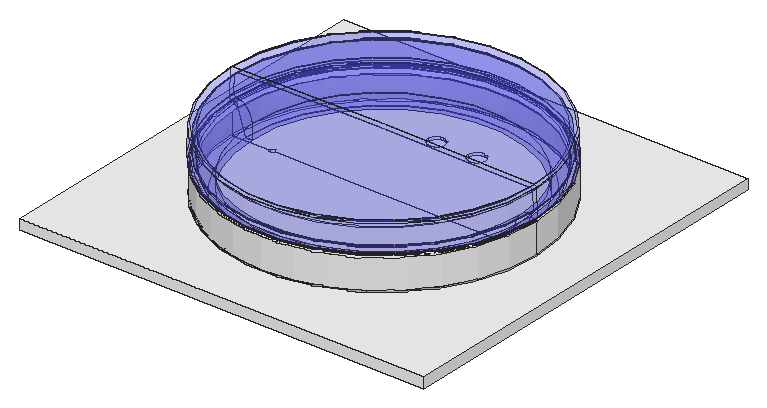
Revit family "BE_12131.1_de_DE", category Leuchten, Revit 2020
Family settings
  Basisbauteil = Fläche
  Bemaßung runder Anschluss = Durchmesser verwenden
  Teiletyp = Normal
  Beim Laden mit Abzugskörper schneiden = Ja
  Lichtquelle = Ja
  Gemeinsam genutzt = Nein
  Raumberechnungspunkt = Ja
Parameters (values of type "BEGA_12131.1_K3")
  built-in parameter 1150104 = 11.113 (stored number, unit not read)
  Wattage = 26 W
  Default Elevation = 0 mm
  built-in parameter 1150113 = 1 (stored number, unit not read)
  built-in parameter 1114218 = 1 (stored number, unit not read)
  Umgebungstemperatur = "25 °C"
  URL = "http://www.bega.de/de/produkt/12131.1"
  Typenkommentare = "© 2022 BEGA. Wir behalten uns das Recht vor, technische Änderungen ohne vorherige Ankündigung vorzunehmen."  # constant formula
  Type Image = 12131.1.png
  built-in parameter 1150134 = 12
  built-in parameter 1150109 = 1 (stored number, unit not read)
  Strom = ""
  built-in parameter 1150110 = 1 (stored number, unit not read)
  Spannung = 239.996 V
  Sonderanfertigung = no
  Seriennummer [instance] = "Hier können Sie die eindeutige Seriennummer für das Facility Management eintragen."
  Schutzklasse = "I"
  Schutzart = "IP 64"
  Scheinlast = 0 VA
  Produktdatenblatt = "http://www.bega.de/download/Xrfa/db/12131.1.db.de.pdf"
  Oberflächentemperatur = ""
  Neigungswinkel = 0.00°
  Model = "12131.1K4"
  Material_17 = BEGA_Reflektor
  Material_15 = BEGA_Leuchtmedium_matt
  Material_11 = BEGA_Glas_opal
  Material_09 = BEGA_Glas_klar
  Material_06 = BEGA_Oberfläche_Edelstahl_gebürstet
  Material_05 = BEGA_Oberfläche_Aluminium Guss
  Material_03 = BEGA_Oberfläche_Weiss_matt
  Material_02 = BEGA_Oberfläche_Silber_matt
  Material_01 [instance] = BEGA_Oberfläche_Grafit_matt
  M_W = no
  M_G = no
  M_A = no
  Logo = 0
  built-in parameter 1114217 = 1 (stored number, unit not read)
  built-in parameter 1150139 = (empty or 0)
  built-in parameter 1150105 = 247.5 (stored number, unit not read)
  built-in parameter 1150114 = 1 (stored number, unit not read)
  Lumens = 3110.12 lm
  built-in parameter 1150115 = 1 (stored number, unit not read)
  Leuchtenlichtstrom = "1476 lm"
  Leuchtenanzahl = ""
  Lebensdauerkriterien = "L70B50 @ 25 °C = 302000 h"
  Lastklassifizierung = Beleuchtung
  built-in parameter 1150112 = 1 (stored number, unit not read)
  Lampenlichtstrom = "2930 lm"
  Lamp = "LED 19.6 W"
  LED_Modulbezeichnung = "LED-0832/940"
  Hersteller = "BEGA"  # constant formula
  Halbstreuwinkel = ""
  Gewicht = "6.2 kg"
  Gebrauchslageneinschränkung [instance] = ""
  Frequenz = "0/50-60 Hz"
  Farbwiedergabeindex = "CRI > 90"
  Farbtemperaturverschiebung bei Dämpfen der Lampe = <Keine Auswahl>
  Farbtemperatur = "4000 K"
  Color Filter = 16777215
  built-in parameter 1150133 = 10 (stored number, unit not read)
  Energieeffizienzklasse = "LED A++ - A"
  built-in parameter 1150137 = (empty or 0)
  built-in parameter 1150132 = (empty or 0)
  ENEC = "ja"
  Dimmbar [instance] = "DALI"
  Photometric Web File = "BE_12131.1K4.IES"
  CE_Konformität = "ja"
  Bestellnummer = "12131.1K4"
  Beschreibung_Sonderanfertigung = "Hier können Sie Informationen zur Sonderanfertigung eintragen."
  Beschreibung = "Decken- und Wandleuchte"
  built-in parameter 1150106 = 2.475 (stored number, unit not read)
  Befestigungsbohrung = "Ø 5,5 mm"
  Befestigungsabstand = "220 mm"
  Ballwurfsicher = ""
  BEGA_Intern_aus = yes
  BEGA_Intern_an = yes
  BEGA_Intern_Konstruktion = yes
  BEGA_Intern = yes
  BEGA_IES = yes
  BEGA_Dummy = no
  Anschlussleitung = ""
  Anschlussleistung [instance] = "23 W"
  Anschlusskasten = ""
  built-in parameter 1150107 = 4000 (stored number, unit not read)
  built-in parameter 1150102 = (empty or 0)
  built-in parameter 1150138 = (empty or 0)
  Aktualisierung = "2019-07-05T04:00:16"
  Abstand_zur_angestrahlten_Fläche [instance] = ""
  AC/DC = "AC/DC"
Reference planes
  plane 1 "Mitte (Vorne/Hinten)": y = 0
  plane 2: z = 0
  plane 3 "Mitte (Links/Rechts)": x = 0
  plane 4 "Links": x = -152.499
  plane 5 "Rechts": x = 152.499
  plane 6 "Unten": y = -152.5
  plane 7 "Oben": y = 152.5
  plane 8 "Vorne": z = 66.498
  plane 9 "Hinten": z = 0
Forms (mm)
  Extrusion 1, solid, material "BEGA_Platte_Weiss"
    sketch origin (0, -1119.2, 0) x (1, 0, 0) y (0, 1, 0)
      loop
        line (-200, 1319.2) -> (-200, 919.2) -> (200, 919.2) -> (200, 1319.2) -> (-200, 1319.2)
    from 0 to -10
  Extrusion 2, solid, material "BEGA_Dummy_matt", visible <- "BEGA_Dummy"
    sketch origin (77.149, -76.023, 0) x (1, 0, 0) y (0, 1, 0)
      loop
        circle (-77.149, 76.023) r 152.499
    from 0 to 66.498
Dimensions and locks
  plane 1 "Mitte (Vorne/Hinten)" to Extrusion 1 = 200 mm
  aligned and locked: plane 2 to Extrusion 1
  aligned and locked: level to Extrusion 1
Nested families
  nested 1: "BE_12131.1" at (0, 0, 0), type "BE_12131.1"
Connectors
  electrical at (0, 0, 0), driven by "Lastklassifizierung", driven by "Spannung", driven by "Scheinlast"
    settings: index 1, voltage 239.996 V, apparent load 0 VA, apparent load phase1 0 VA, apparent load phase2 0 VA, apparent load phase3 0 VA, power factor 1, load classification "Beleuchtung", number of poles 1, system type 31, power factor state 1, is connector primary yes, connector utility no, sub classification motor no, connector description ""
Definition of nested family "BE_12131.1"
  Parameters (values of type "BE_12131.1")
    Default Elevation = 1 mm
    URL = "http://www.bega.de/de/produkt"
    Type Comments = "© 2015 BEGA. Wir behalten uns das Recht vor, technische Änderungen ohne vorherige Ankündigung vorzunehmen. "  # constant formula
    Type Image = (empty or 0)
    Neigungswinkel_um_Z2 = 0.00°
    Neigungswinkel_um_Z1 = 0.00°
    Neigungswinkel_um_Y2 = 0.00°
    Neigungswinkel_um_Y1 = 0.00°
    Neigungswinkel_um_X2 = 0.00°
    Neigungswinkel_um_X1 = 0.00°
    Material_17 = none
    Material_15 = none
    Material_11 = none
    Material_09 = none
    Material_06 = none
    Material_05 = none
    Material_03 = none
    Material_02 = none
    Material_01 = none
    M_W = yes
    M_G = yes
    M_A = yes
    Länge_Platte = 400 mm  # constant formula
    Höhe_Platte = -10 mm  # constant formula
    Manufacturer = "BEGA"  # constant formula
    Drehwinkel_um_Z2 = 0.00°
    Drehwinkel_um_Z1 = 0.00°
    Breite_Platte = 400 mm  # constant formula
  Reference planes
    plane 1 "Mitte (Oben/Unten)": y = 0
    plane 2: z = 0
    plane 3 "Mitte (Links/Rechts)": x = 0
    plane 4: x = -152.499
    plane 5: z = 66.498
    plane 6: x = 152.499
    plane 7: y = -152.5
    plane 8: y = 152.5
  Forms (mm)
    Extrusion 1, solid, detail levels medium
      sketch origin (0, 0, 0) x (1, 0, 0) y (0, 1, 0)
        loop
          line (-200, 200) -> (-200, -200) -> (200, -200) -> (200, 200) -> (-200, 200)
      from 0 to -10 <- "Höhe_Platte"
    Revolve 2, solid, material <- "Material_03", detail levels medium+fine
      sketch origin (0, 0, 0) x (1, 0, 0) y (0, 0, 1)
        loop
          arc (-151.35, 3.5) -> (-150.764, 2.086) -> (-149.35, 1.49) r 2
          line (-149.35, 1.49) -> (0, 1.49) -> (0, 3.5) -> (-149.15, 3.5)
          arc (-149.15, 3.5) -> (-149.857, 3.793) -> (-150.15, 4.5) r 1
          line (-150.15, 4.5) -> (-150.15, 33.002) -> (-145.799, 28.651) -> (-144.95, 29.499) -> (-149.043, 33.592)
          arc (-149.043, 33.592) -> (-149.482, 33.886) -> (-150, 33.99) r 1.35
          arc (-150, 33.99) -> (-150.953, 33.596) -> (-151.35, 32.645) r 1.35
          line (-151.35, 32.645) -> (-151.35, 3.5)
        axis (0, 1.49) -> (0, 33.99)
      angle from 0 to 360
    Revolve 3, solid, material <- "Material_03", detail levels medium+fine
      sketch origin (0, 0, 0) x (1, 0, 0) y (0, 0, 1)
        loop
          arc (-119.291, 0.446) -> (-118.533, 0.114) -> (-117.714, 0) r 3
          line (-117.714, 0) -> (-110, 0) -> (-110, 2.209) -> (-122.15, 2.209) -> (-119.291, 0.446)
        axis (-110, 0) -> (-110, 2.209)
      angle from 0 to 360
    Revolve 4, solid, material <- "Material_11", detail levels medium+fine
      sketch origin (0, 0, 0) x (1, 0, 0) y (0, 0, 1)
        loop
          arc (0, 66.498) -> (-74.821, 65.825) -> (-149.633, 64.54) r 9149.238
          arc (-149.633, 64.54) -> (-150.995, 63.965) -> (-151.589, 62.612) r 2
          line (-151.589, 62.612) -> (-152.499, 36.567)
          arc (-152.499, 36.567) -> (-151.938, 35.11) -> (-150.5, 34.5) r 2
          line (-150.5, 34.5) -> (-145, 34.5) -> (-136, 6) -> (-130, 6) -> (-130, 20.512)
          arc (-130, 20.512) -> (-134.491, 32.395) -> (-145.71, 38.354) r 18
          arc (-145.71, 38.354) -> (-147.612, 39.384) -> (-148.327, 41.426) r 3
          line (-148.327, 41.426) -> (-147.754, 57.545)
          arc (-147.754, 57.545) -> (-146.862, 59.577) -> (-144.818, 60.44) r 3
          arc (-144.818, 60.44) -> (-72.413, 61.655) -> (0, 62.297) r 9145.035
          line (0, 62.297) -> (0, 66.498)
        axis (0, 6) -> (0, 66.498)
      angle from 0 to 360
    Extrusion 5, void
      sketch origin (0, 0, 0) x (1, 0, 0) y (0, 1, 0)
        loop
          circle (-110, 0) r 2.75
        loop
          circle (110, 0) r 2.75
        loop
          circle (20, 90) r 8.507
        loop
          circle (-20, 90) r 8.507
      from 0 to 10
    Revolve 6, solid, material <- "Material_03", detail levels medium+fine
      sketch origin (0, 0, 0) x (-1, 0, 0) y (0, 0, -1)
        loop
          line (-119.291, -0.446) -> (-122.15, -2.209) -> (-110, -2.209) -> (-110, 0) -> (-117.714, 0)
          arc (-117.714, 0) -> (-118.533, -0.114) -> (-119.291, -0.446) r 3
        axis (-110, 0) -> (-110, -2.209)
      angle from 0 to 360
  Cuts and joins
    Extrusion 5 cuts Revolve 2
    Extrusion 5 cuts Revolve 3
    Extrusion 5 cuts Revolve 6
    joined: Revolve 2, Revolve 3, Revolve 6
  Dimensions and locks
    equal spacing: Extrusion 1 sketch curve, plane 3 "Mitte (Links/Rechts)", Extrusion 1 sketch curve
    equal spacing: Extrusion 1 sketch curve, plane 1 "Mitte (Oben/Unten)", Extrusion 1 sketch curve
    "Länge_Platte": Extrusion 1 sketch curve to Extrusion 1 sketch curve
    "Breite_Platte": Extrusion 1 sketch curve to Extrusion 1 sketch curve
    aligned and locked: Extrusion 1 to plane 2
    aligned and locked: level to Extrusion 1
  Automatic sketch dimensions
    Revolve 2 sketch curve to Revolve 2 sketch curve = 0 mm  (x9)
    Revolve 2 sketch curve to plane 3 "Mitte (Links/Rechts)" = 0 mm  (x2)
    Revolve 2 sketch curve to Revolve 2 sketch curve = 0.849 mm  (x2)
    Revolve 2 sketch curve to Revolve 2 sketch curve = 4.093 mm
    level to Revolve 2 sketch curve = 3.5 mm
    Revolve 2 sketch curve to Revolve 2 sketch curve = 0.2 mm
    Revolve 2 sketch curve to Revolve 2 sketch curve = 0.957 mm
    Revolve 2 sketch curve to Revolve 2 sketch curve = 0.15 mm  (x2)
    Revolve 2 sketch curve to Revolve 2 sketch curve = 1.2 mm
    level to Revolve 2 sketch curve = 1.49 mm
    Revolve 2 sketch curve to Revolve 2 sketch curve = 24.151 mm
    Revolve 2 sketch curve to Revolve 2 sketch curve = 3.989 mm
    Revolve 2 sketch curve to Revolve 2 sketch curve = 0.005 mm
    Revolve 2 sketch curve to Revolve 2 sketch curve = 0.362 mm
    Revolve 2 sketch curve to Revolve 2 sketch curve = 0.59 mm
    Revolve 2 sketch curve to level = 1.538 mm
    Revolve 2 sketch curve to Revolve 2 sketch curve = 1 mm
    Revolve 2 sketch curve to Revolve 2 sketch curve = 8.697 mm
    level to Revolve 3 sketch curve = 2.209 mm
    level to Revolve 3 sketch curve = 3 mm
    Revolve 3 sketch curve to Revolve 3 sketch curve = 4.435 mm
    Revolve 3 sketch curve to Revolve 3 sketch curve = 7.714 mm
    Revolve 3 sketch curve to level = 0 mm
    level to Revolve 3 sketch curve = 0.446 mm
    Revolve 3 sketch curve to Revolve 3 sketch curve = 1.577 mm
    Revolve 3 sketch curve to Revolve 3 sketch curve = 0.002 mm
    Revolve 3 sketch curve to Revolve 3 sketch curve = 0 mm
    Revolve 3 sketch curve to Revolve 3 sketch curve = 0.649 mm
    Revolve 3 sketch curve to Revolve 3 sketch curve = 0.587 mm
    Extrusion 5 sketch curve to plane 1 "Mitte (Oben/Unten)" = 0 mm  (x2)
    Extrusion 5 sketch curve to plane 3 "Mitte (Links/Rechts)" = 20 mm
    plane 3 "Mitte (Links/Rechts)" to Extrusion 5 sketch curve = 20 mm
    Extrusion 5 sketch curve to Extrusion 5 sketch curve = 0 mm
    Extrusion 5 sketch curve to Extrusion 5 sketch curve = 2.75 mm  (x2)
    level to Revolve 6 sketch curve = 2.209 mm
    level to Revolve 6 sketch curve = 3 mm
    Revolve 6 sketch curve to Revolve 6 sketch curve = 4.435 mm
    Revolve 6 sketch curve to Revolve 6 sketch curve = 7.714 mm
    Revolve 6 sketch curve to level = 0 mm
    level to Revolve 6 sketch curve = 0.446 mm
    Revolve 6 sketch curve to Revolve 6 sketch curve = 1.577 mm
    Revolve 6 sketch curve to Revolve 6 sketch curve = 0.002 mm
    Revolve 6 sketch curve to Revolve 6 sketch curve = 0 mm
    Revolve 6 sketch curve to Revolve 6 sketch curve = 0.587 mm
    Revolve 6 sketch curve to Revolve 6 sketch curve = 0.649 mm
    Revolve 4 sketch curve to plane 3 "Mitte (Links/Rechts)" = 0 mm  (x2)
    Revolve 4 sketch curve to Revolve 4 sketch curve = 0.328 mm
    Revolve 4 sketch curve to Revolve 4 sketch curve = 3 mm
    Revolve 4 sketch curve to Revolve 4 sketch curve = 2.998 mm  (x2)
    Revolve 4 sketch curve to Revolve 4 sketch curve = 4.835 mm
    Revolve 4 sketch curve to Revolve 4 sketch curve = 2.173 mm
    Revolve 4 sketch curve to Revolve 4 sketch curve = 1.999 mm  (x2)
    plane 3 "Mitte (Links/Rechts)" to Revolve 4 sketch curve = 44.83 mm
    Revolve 4 sketch curve to Revolve 4 sketch curve = 0.01 mm  (x2)
    Revolve 4 sketch curve to Revolve 4 sketch curve = 0.071 mm
    Revolve 4 sketch curve to Revolve 4 sketch curve = 5.1 mm
    Revolve 4 sketch curve to Revolve 4 sketch curve = 16.014 mm
    Revolve 4 sketch curve to Revolve 4 sketch curve = 0.097 mm
    Revolve 4 sketch curve to Revolve 4 sketch curve = 4.859 mm
    Revolve 4 sketch curve to Revolve 4 sketch curve = 0.067 mm
    Revolve 4 sketch curve to Revolve 4 sketch curve = 0 mm  (x7)
    Revolve 4 sketch curve to Revolve 4 sketch curve = 13.988 mm
    Revolve 4 sketch curve to Revolve 4 sketch curve = 14 mm
    level to Revolve 4 sketch curve = 6 mm
    Revolve 4 sketch curve to level = 9082.629 mm
    Revolve 4 sketch curve to Revolve 4 sketch curve = 0.002 mm
    Revolve 4 sketch curve to Revolve 4 sketch curve = 0.382 mm
    Revolve 4 sketch curve to Revolve 4 sketch curve = 11.5 mm
    plane 3 "Mitte (Links/Rechts)" to Extrusion 5 sketch curve = 110 mm
    plane 3 "Mitte (Links/Rechts)" to Revolve 6 sketch curve = 122.15 mm
    level to Revolve 2 sketch curve = 29.499 mm
    Revolve 2 sketch curve to plane 3 "Mitte (Links/Rechts)" = 144.95 mm
    Revolve 3 sketch curve to plane 3 "Mitte (Links/Rechts)" = 122.15 mm
    Revolve 4 sketch curve to plane 3 "Mitte (Links/Rechts)" = 130 mm
    Revolve 4 sketch curve to Revolve 4 sketch curve = 6 mm
    Revolve 4 sketch curve to Revolve 4 sketch curve = 14.756 mm
    Revolve 4 sketch curve to Revolve 4 sketch curve = 15 mm
    Extrusion 5 sketch curve to plane 3 "Mitte (Links/Rechts)" = 110 mm
    Revolve 4 sketch curve to Revolve 4 sketch curve = 14.5 mm
    level to Revolve 4 sketch curve = 62.297 mm
    Revolve 4 sketch curve to Revolve 4 sketch curve = 4.201 mm
    Extrusion 5 sketch curve to plane 1 "Mitte (Oben/Unten)" = 90 mm
    radius of Extrusion 5 sketch curve = 8.507 mm  (x2)
